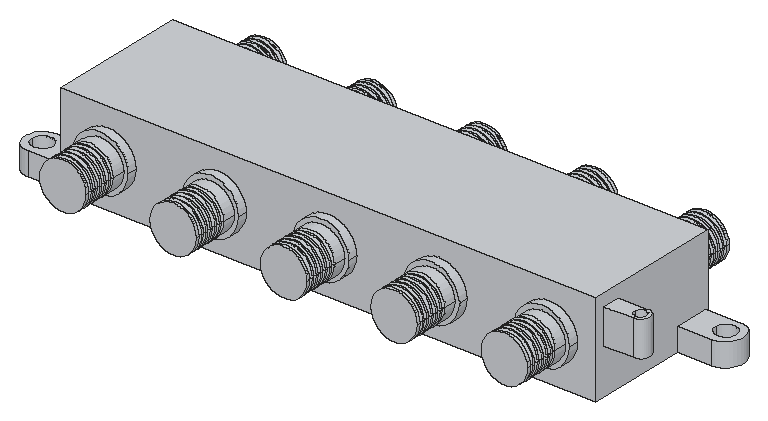
Revit family "Derivador 815-820-825", category Aparatos eléctricos, Revit 2019
Family settings
  Mantener orientación de anotación = No
  Cota de conector redondo = Diámetro de uso
  Tipo de pieza = Normal
  Número OmniClass = 23.80.00.00
  Título OmniClass = Electric Power and Lighting
  Se basa en plano de trabajo = No
  Siempre vertical = Sí
  Corte con vacíos al cargar = No
  Compartido = No
  Punto de cálculo de habitación = No
Parameters
  Visivilidad de numeros = yes
  Visibilidad 825 = yes
  Visibilidad 820 = yes
  Visibilidad 815 = yes
  Largo = 115.00 mm
  Dimensiones = 2
  Conectores = Largo / 25.23 mm  # 5
  Conector 2 = 3.654 mm
  Conector = 0.00 mm
  Ancho [instance] = 30.00 mm
  Altura = 30.00 mm
Reference planes
  plane 1 "Centro (Frontal/Posterior)": y = 0
  plane 2: z = 0
  plane 3 "Centro (Izquierda/Derecha)": x = 0
  plane 4 "Centro I/E": x = -57.5
  plane 5 "Centro I/F": x = 57.5
  plane 6 "Centro I/G": y = 15
  plane 7 "Centro I/H": y = -15
  plane 8 "Centro I/K": y = -15
  plane 9 "Centro I/R": x = 56
  plane 10 "Centro I/S": x = -56
  plane 11 "Centro I/W": y = -13.5
  plane 12 "Centro I/X": x = -23.75
Forms (mm)
  Extrusion 1, solid
    sketch origin (0, 0, 0) x (1, 0, 0) y (0, 1, 0)
      loop
        line (57.5, 15) -> (-57.5, 15) -> (-57.5, -15) -> (57.5, -15) -> (57.5, 15)
    from 0 to 20
  Extrusion 2, solid, detail levels fine
    sketch origin (0, -6.971, 0) x (1, 0, 0) y (0, 0, 1)
      loop
        circle (-25.232, 10) r 5
    from 17 to 27
  Extrusion 3, solid
    sketch origin (0, -6.971, 0) x (1, 0, 0) y (0, 0, 1)
      loop
        circle (-25.232, 10) r 6
    from 15 to 17
  Extrusion 4, solid, detail levels fine
    sketch origin (-22.268, 0, 0) x (1, 0, 0) y (0, 0, 1)
      loop
        circle (-25.232, 10) r 5
    from 17 to 27
  Extrusion 5, solid
    sketch origin (-22.268, 0, 0) x (1, 0, 0) y (0, 0, 1)
      loop
        circle (-25.232, 10) r 6
    from 15 to 17
  Extrusion 6, solid, detail levels fine
    sketch origin (72.732, 0, 0) x (1, 0, 0) y (0, 0, 1)
      loop
        circle (-25.232, 10) r 5
    from 17 to 27
  Extrusion 7, solid
    sketch origin (72.732, 0, 0) x (1, 0, 0) y (0, 0, 1)
      loop
        circle (-25.232, 10) r 6
    from 15 to 17
  Extrusion 8, solid, detail levels fine
    sketch origin (1.482, 0, 0) x (1, 0, 0) y (0, 0, 1)
      loop
        circle (-25.232, 10) r 5
    from 17 to 27
  Extrusion 9, solid
    sketch origin (1.482, 0, 0) x (1, 0, 0) y (0, 0, 1)
      loop
        circle (-25.232, 10) r 6
    from 15 to 17
  Extrusion 10, solid
    sketch origin (-14.144, 3.759, 0) x (1, 0, 0) y (0, 0, -1)
      loop
        circle (0, -10) r 5
    from 17 to 27
  Extrusion 11, solid
    sketch origin (-14.144, 3.759, 0) x (1, 0, 0) y (0, 0, -1)
      loop
        circle (0, -10) r 6
    from 15 to 17
  Extrusion 12, solid, detail levels fine
    sketch origin (-117.5, 86.956, 0) x (-1, 0, 0) y (0, -1, 0)
      loop
        line (-175, 100) -> (-181.519, 100)
        arc (-181.519, 100) -> (-183.474, 98.044) -> (-181.519, 96.089) r 1.956
        line (-181.519, 96.089) -> (-175, 96.089) -> (-175, 100)
      loop
        circle (-181.519, 98.044) r 1.304
    from 10 to 17.5
  Extrusion 13, solid, detail levels fine
    sketch origin (-117.5, -43.128, -5) x (-1, 0, 0) y (0, -1, 0)
      loop
        line (-175, -57.5) -> (-175, -50) -> (-182.5, -50)
        arc (-182.5, -50) -> (-186.25, -53.75) -> (-182.5, -57.5) r 3.75
        line (-182.5, -57.5) -> (-175, -57.5)
      loop
        circle (-182.5, -53.75) r 2.25
    from 5 to 10
  Extrusion 14, solid, detail levels fine
    sketch origin (-115, -46.566, 0) x (-1, 0, 0) y (0, -1, 0)
      loop
        line (-175, -57.5) -> (-175, -50) -> (-182.5, -50)
        arc (-182.5, -50) -> (-186.25, -53.75) -> (-182.5, -57.5) r 3.75
        line (-182.5, -57.5) -> (-175, -57.5)
      loop
        circle (-182.5, -53.75) r 2.25
    from 5 to 10
  Extrusion 15, solid, detail levels fine
    sketch origin (-110, 90, 0) x (-1, 0, 0) y (0, -1, 0)
      loop
        line (-175, 100) -> (-181.519, 100)
        arc (-181.519, 100) -> (-183.474, 98.044) -> (-181.519, 96.089) r 1.956
        line (-181.519, 96.089) -> (-175, 96.089) -> (-175, 100)
      loop
        circle (-181.519, 98.044) r 1.304
    from 10 to 17.5
  Extrusion 16, solid, detail levels fine
    sketch origin (117.5, 43.128, -5) x (1, 0, 0) y (0, 1, 0)
      loop
        line (-175, -57.5) -> (-175, -50) -> (-182.5, -50)
        arc (-182.5, -50) -> (-186.25, -53.75) -> (-182.5, -57.5) r 3.75
        line (-182.5, -57.5) -> (-175, -57.5)
      loop
        circle (-182.5, -53.75) r 2.25
    from 5 to 10
  Revolve 17, void
    sketch origin (-22.25, 0, 10) x (1, 0, 0) y (0, 1, 0)
      loop
        line (-29.46, -26.03) -> (-30.25, -25.574) -> (-30.25, -26.486) -> (-29.46, -26.03)
      axis (-25.25, -26.486) -> (-25.25, -25.486)
    angle from 0 to 360
  Revolve 18, void
    sketch origin (0.018, -6.971, 10) x (1, 0, 0) y (0, 1, 0)
      loop
        line (-29.46, -26.03) -> (-30.25, -25.574) -> (-30.25, -26.486) -> (-29.46, -26.03)
      axis (-25.25, -26.486) -> (-25.25, -25.486)
    angle from 0 to 360
  Revolve 19, void
    sketch origin (72.75, 0, 10) x (1, 0, 0) y (0, 1, 0)
      loop
        line (-29.46, -26.03) -> (-30.25, -25.574) -> (-30.25, -26.486) -> (-29.46, -26.03)
      axis (-25.25, -26.486) -> (-25.25, -25.486)
    angle from 0 to 360
  Revolve 20, void
    sketch origin (1.5, 0, 10) x (1, 0, 0) y (0, 1, 0)
      loop
        line (-29.46, -26.03) -> (-30.25, -25.574) -> (-30.25, -26.486) -> (-29.46, -26.03)
      axis (-25.25, -26.486) -> (-25.25, -25.486)
    angle from 0 to 360
  Revolve 21, void
    sketch origin (-22.25, 0, 10) x (1, 0, 0) y (0, 1, 0)
      loop
        line (-29.46, -24.918) -> (-30.25, -24.461) -> (-30.25, -25.374) -> (-29.46, -24.918)
      axis (-25.25, -25.374) -> (-25.25, -24.374)
    angle from 0 to 360
  Revolve 22, void
    sketch origin (0.018, -6.971, 10) x (1, 0, 0) y (0, 1, 0)
      loop
        line (-29.46, -24.918) -> (-30.25, -24.461) -> (-30.25, -25.374) -> (-29.46, -24.918)
      axis (-25.25, -25.374) -> (-25.25, -24.374)
    angle from 0 to 360
  Revolve 23, void
    sketch origin (72.75, 0, 10) x (1, 0, 0) y (0, 1, 0)
      loop
        line (-29.46, -24.918) -> (-30.25, -24.461) -> (-30.25, -25.374) -> (-29.46, -24.918)
      axis (-25.25, -25.374) -> (-25.25, -24.374)
    angle from 0 to 360
  Revolve 24, void
    sketch origin (1.5, 0, 10) x (1, 0, 0) y (0, 1, 0)
      loop
        line (-29.46, -24.918) -> (-30.25, -24.461) -> (-30.25, -25.374) -> (-29.46, -24.918)
      axis (-25.25, -25.374) -> (-25.25, -24.374)
    angle from 0 to 360
  Revolve 25, void
    sketch origin (-22.25, 0, 10) x (1, 0, 0) y (0, 1, 0)
      loop
        line (-29.46, -23.718) -> (-30.25, -23.261) -> (-30.25, -24.174) -> (-29.46, -23.718)
      axis (-25.25, -24.174) -> (-25.25, -23.174)
    angle from 0 to 360
  Revolve 26, void
    sketch origin (-22.25, 0, 10) x (1, 0, 0) y (0, 1, 0)
      loop
        line (-29.46, -22.518) -> (-30.25, -22.061) -> (-30.25, -22.974) -> (-29.46, -22.518)
      axis (-25.25, -22.974) -> (-25.25, -21.974)
    angle from 0 to 360
  Revolve 27, void
    sketch origin (-22.25, 0, 10) x (1, 0, 0) y (0, 1, 0)
      loop
        line (-29.46, -21.318) -> (-30.25, -20.861) -> (-30.25, -21.774) -> (-29.46, -21.318)
      axis (-25.25, -21.774) -> (-25.25, -20.774)
    angle from 0 to 360
  Revolve 28, void
    sketch origin (-22.25, 0, 10) x (1, 0, 0) y (0, 1, 0)
      loop
        line (-29.46, -20.118) -> (-30.25, -19.661) -> (-30.25, -20.574) -> (-29.46, -20.118)
      axis (-25.25, -20.574) -> (-25.25, -19.574)
    angle from 0 to 360
  Revolve 29, void
    sketch origin (0.018, -6.971, 10) x (1, 0, 0) y (0, 1, 0)
      loop
        line (-29.46, -23.718) -> (-30.25, -23.261) -> (-30.25, -24.174) -> (-29.46, -23.718)
      axis (-25.25, -24.174) -> (-25.25, -23.174)
    angle from 0 to 360
  Revolve 30, void
    sketch origin (0.018, -6.971, 10) x (1, 0, 0) y (0, 1, 0)
      loop
        line (-29.46, -22.518) -> (-30.25, -22.061) -> (-30.25, -22.974) -> (-29.46, -22.518)
      axis (-25.25, -22.974) -> (-25.25, -21.974)
    angle from 0 to 360
  Revolve 31, void
    sketch origin (0.018, -6.971, 10) x (1, 0, 0) y (0, 1, 0)
      loop
        line (-29.46, -21.318) -> (-30.25, -20.861) -> (-30.25, -21.774) -> (-29.46, -21.318)
      axis (-25.25, -21.774) -> (-25.25, -20.774)
    angle from 0 to 360
  Revolve 32, void
    sketch origin (0.018, -6.971, 10) x (1, 0, 0) y (0, 1, 0)
      loop
        line (-29.46, -20.118) -> (-30.25, -19.661) -> (-30.25, -20.574) -> (-29.46, -20.118)
      axis (-25.25, -20.574) -> (-25.25, -19.574)
    angle from 0 to 360
  Revolve 33, void
    sketch origin (72.75, 0, 10) x (1, 0, 0) y (0, 1, 0)
      loop
        line (-29.46, -23.718) -> (-30.25, -23.261) -> (-30.25, -24.174) -> (-29.46, -23.718)
      axis (-25.25, -24.174) -> (-25.25, -23.174)
    angle from 0 to 360
  Revolve 34, void
    sketch origin (72.75, 0, 10) x (1, 0, 0) y (0, 1, 0)
      loop
        line (-29.46, -22.518) -> (-30.25, -22.061) -> (-30.25, -22.974) -> (-29.46, -22.518)
      axis (-25.25, -22.974) -> (-25.25, -21.974)
    angle from 0 to 360
  Revolve 35, void
    sketch origin (72.75, 0, 10) x (1, 0, 0) y (0, 1, 0)
      loop
        line (-29.46, -21.318) -> (-30.25, -20.861) -> (-30.25, -21.774) -> (-29.46, -21.318)
      axis (-25.25, -21.774) -> (-25.25, -20.774)
    angle from 0 to 360
  Revolve 36, void
    sketch origin (72.75, 0, 10) x (1, 0, 0) y (0, 1, 0)
      loop
        line (-29.46, -20.118) -> (-30.25, -19.661) -> (-30.25, -20.574) -> (-29.46, -20.118)
      axis (-25.25, -20.574) -> (-25.25, -19.574)
    angle from 0 to 360
  Revolve 37, void
    sketch origin (1.5, 0, 10) x (1, 0, 0) y (0, 1, 0)
      loop
        line (-29.46, -23.718) -> (-30.25, -23.261) -> (-30.25, -24.174) -> (-29.46, -23.718)
      axis (-25.25, -24.174) -> (-25.25, -23.174)
    angle from 0 to 360
  Revolve 38, void
    sketch origin (1.5, 0, 10) x (1, 0, 0) y (0, 1, 0)
      loop
        line (-29.46, -22.518) -> (-30.25, -22.061) -> (-30.25, -22.974) -> (-29.46, -22.518)
      axis (-25.25, -22.974) -> (-25.25, -21.974)
    angle from 0 to 360
  Revolve 39, void
    sketch origin (1.5, 0, 10) x (1, 0, 0) y (0, 1, 0)
      loop
        line (-29.46, -21.318) -> (-30.25, -20.861) -> (-30.25, -21.774) -> (-29.46, -21.318)
      axis (-25.25, -21.774) -> (-25.25, -20.774)
    angle from 0 to 360
  Revolve 40, void
    sketch origin (1.5, 0, 10) x (1, 0, 0) y (0, 1, 0)
      loop
        line (-29.46, -20.118) -> (-30.25, -19.661) -> (-30.25, -20.574) -> (-29.46, -20.118)
      axis (-25.25, -20.574) -> (-25.25, -19.574)
    angle from 0 to 360
  Extrusion 41, solid, detail levels fine
    sketch origin (-72.732, 0, 0) x (-1, 0, 0) y (0, 0, 1)
      loop
        circle (-25.232, 10) r 5
    from 17 to 27
  Extrusion 42, solid
    sketch origin (-72.732, 0, 0) x (-1, 0, 0) y (0, 0, 1)
      loop
        circle (-25.232, 10) r 6
    from 15 to 17
  Revolve 43, void
    sketch origin (-72.75, 0, 10) x (-1, 0, 0) y (0, -1, 0)
      loop
        line (-29.46, -26.03) -> (-30.25, -25.574) -> (-30.25, -26.486) -> (-29.46, -26.03)
      axis (-25.25, -26.486) -> (-25.25, -25.486)
    angle from 0 to 360
  Revolve 44, void
    sketch origin (-72.75, 0, 10) x (-1, 0, 0) y (0, -1, 0)
      loop
        line (-29.46, -24.918) -> (-30.25, -24.461) -> (-30.25, -25.374) -> (-29.46, -24.918)
      axis (-25.25, -25.374) -> (-25.25, -24.374)
    angle from 0 to 360
  Revolve 45, void
    sketch origin (-72.75, 0, 10) x (-1, 0, 0) y (0, -1, 0)
      loop
        line (-29.46, -23.718) -> (-30.25, -23.261) -> (-30.25, -24.174) -> (-29.46, -23.718)
      axis (-25.25, -24.174) -> (-25.25, -23.174)
    angle from 0 to 360
  Revolve 46, void
    sketch origin (-72.75, 0, 10) x (-1, 0, 0) y (0, -1, 0)
      loop
        line (-29.46, -22.518) -> (-30.25, -22.061) -> (-30.25, -22.974) -> (-29.46, -22.518)
      axis (-25.25, -22.974) -> (-25.25, -21.974)
    angle from 0 to 360
  Revolve 47, void
    sketch origin (-72.75, 0, 10) x (-1, 0, 0) y (0, -1, 0)
      loop
        line (-29.46, -21.318) -> (-30.25, -20.861) -> (-30.25, -21.774) -> (-29.46, -21.318)
      axis (-25.25, -21.774) -> (-25.25, -20.774)
    angle from 0 to 360
  Revolve 48, void
    sketch origin (-72.75, 0, 10) x (-1, 0, 0) y (0, -1, 0)
      loop
        line (-29.46, -20.118) -> (-30.25, -19.661) -> (-30.25, -20.574) -> (-29.46, -20.118)
      axis (-25.25, -20.574) -> (-25.25, -19.574)
    angle from 0 to 360
  Extrusion 49, solid, detail levels fine
    sketch origin (35.192, 46.726, 0) x (1, 0, 0) y (0, 0, 1)
      loop
        circle (-25.232, 10) r 5
    from 17 to 27
  Extrusion 50, solid
    sketch origin (35.192, 46.726, 0) x (1, 0, 0) y (0, 0, 1)
      loop
        circle (-25.232, 10) r 6
    from 15 to 17
  Revolve 51, void
    sketch origin (35.21, 46.726, 10) x (1, 0, 0) y (0, 1, 0)
      loop
        line (-29.46, -26.03) -> (-30.25, -25.574) -> (-30.25, -26.486) -> (-29.46, -26.03)
      axis (-25.25, -26.486) -> (-25.25, -25.486)
    angle from 0 to 360
  Revolve 52, void
    sketch origin (35.21, 46.726, 10) x (1, 0, 0) y (0, 1, 0)
      loop
        line (-29.46, -24.918) -> (-30.25, -24.461) -> (-30.25, -25.374) -> (-29.46, -24.918)
      axis (-25.25, -25.374) -> (-25.25, -24.374)
    angle from 0 to 360
  Revolve 53, void
    sketch origin (35.21, 46.726, 10) x (1, 0, 0) y (0, 1, 0)
      loop
        line (-29.46, -23.718) -> (-30.25, -23.261) -> (-30.25, -24.174) -> (-29.46, -23.718)
      axis (-25.25, -24.174) -> (-25.25, -23.174)
    angle from 0 to 360
  Revolve 54, void
    sketch origin (35.21, 46.726, 10) x (1, 0, 0) y (0, 1, 0)
      loop
        line (-29.46, -22.518) -> (-30.25, -22.061) -> (-30.25, -22.974) -> (-29.46, -22.518)
      axis (-25.25, -22.974) -> (-25.25, -21.974)
    angle from 0 to 360
  Revolve 55, void
    sketch origin (35.21, 46.726, 10) x (1, 0, 0) y (0, 1, 0)
      loop
        line (-29.46, -21.318) -> (-30.25, -20.861) -> (-30.25, -21.774) -> (-29.46, -21.318)
      axis (-25.25, -21.774) -> (-25.25, -20.774)
    angle from 0 to 360
  Revolve 56, void
    sketch origin (35.21, 46.726, 10) x (1, 0, 0) y (0, 1, 0)
      loop
        line (-29.46, -20.118) -> (-30.25, -19.661) -> (-30.25, -20.574) -> (-29.46, -20.118)
      axis (-25.25, -20.574) -> (-25.25, -19.574)
    angle from 0 to 360
  Extrusion 57, solid, detail levels fine
    sketch origin (22.268, 0, 0) x (-1, 0, 0) y (0, 0, 1)
      loop
        circle (-25.232, 10) r 5
    from 17 to 27
  Extrusion 58, solid
    sketch origin (22.268, 0, 0) x (-1, 0, 0) y (0, 0, 1)
      loop
        circle (-25.232, 10) r 6
    from 15 to 17
  Revolve 59, void
    sketch origin (22.25, 0, 10) x (-1, 0, 0) y (0, -1, 0)
      loop
        line (-29.46, -26.03) -> (-30.25, -25.574) -> (-30.25, -26.486) -> (-29.46, -26.03)
      axis (-25.25, -26.486) -> (-25.25, -25.486)
    angle from 0 to 360
  Revolve 60, void
    sketch origin (22.25, 0, 10) x (-1, 0, 0) y (0, -1, 0)
      loop
        line (-29.46, -24.918) -> (-30.25, -24.461) -> (-30.25, -25.374) -> (-29.46, -24.918)
      axis (-25.25, -25.374) -> (-25.25, -24.374)
    angle from 0 to 360
  Revolve 61, void
    sketch origin (22.25, 0, 10) x (-1, 0, 0) y (0, -1, 0)
      loop
        line (-29.46, -23.718) -> (-30.25, -23.261) -> (-30.25, -24.174) -> (-29.46, -23.718)
      axis (-25.25, -24.174) -> (-25.25, -23.174)
    angle from 0 to 360
  Revolve 62, void
    sketch origin (22.25, 0, 10) x (-1, 0, 0) y (0, -1, 0)
      loop
        line (-29.46, -22.518) -> (-30.25, -22.061) -> (-30.25, -22.974) -> (-29.46, -22.518)
      axis (-25.25, -22.974) -> (-25.25, -21.974)
    angle from 0 to 360
  Revolve 63, void
    sketch origin (22.25, 0, 10) x (-1, 0, 0) y (0, -1, 0)
      loop
        line (-29.46, -21.318) -> (-30.25, -20.861) -> (-30.25, -21.774) -> (-29.46, -21.318)
      axis (-25.25, -21.774) -> (-25.25, -20.774)
    angle from 0 to 360
  Revolve 64, void
    sketch origin (22.25, 0, 10) x (-1, 0, 0) y (0, -1, 0)
      loop
        line (-29.46, -20.118) -> (-30.25, -19.661) -> (-30.25, -20.574) -> (-29.46, -20.118)
      axis (-25.25, -20.574) -> (-25.25, -19.574)
    angle from 0 to 360
  Extrusion 65, solid, detail levels fine
    sketch origin (-48.982, 0, 0) x (-1, 0, 0) y (0, 0, 1)
      loop
        circle (-25.232, 10) r 5
    from 17 to 27
  Extrusion 66, solid
    sketch origin (-48.982, 0, 0) x (-1, 0, 0) y (0, 0, 1)
      loop
        circle (-25.232, 10) r 6
    from 15 to 17
  Revolve 67, void
    sketch origin (-49, 0, 10) x (-1, 0, 0) y (0, -1, 0)
      loop
        line (-29.46, -26.03) -> (-30.25, -25.574) -> (-30.25, -26.486) -> (-29.46, -26.03)
      axis (-25.25, -26.486) -> (-25.25, -25.486)
    angle from 0 to 360
  Revolve 68, void
    sketch origin (-49, 0, 10) x (-1, 0, 0) y (0, -1, 0)
      loop
        line (-29.46, -24.918) -> (-30.25, -24.461) -> (-30.25, -25.374) -> (-29.46, -24.918)
      axis (-25.25, -25.374) -> (-25.25, -24.374)
    angle from 0 to 360
  Revolve 69, void
    sketch origin (-49, 0, 10) x (-1, 0, 0) y (0, -1, 0)
      loop
        line (-29.46, -23.718) -> (-30.25, -23.261) -> (-30.25, -24.174) -> (-29.46, -23.718)
      axis (-25.25, -24.174) -> (-25.25, -23.174)
    angle from 0 to 360
  Revolve 70, void
    sketch origin (-49, 0, 10) x (-1, 0, 0) y (0, -1, 0)
      loop
        line (-29.46, -22.518) -> (-30.25, -22.061) -> (-30.25, -22.974) -> (-29.46, -22.518)
      axis (-25.25, -22.974) -> (-25.25, -21.974)
    angle from 0 to 360
  Revolve 71, void
    sketch origin (-49, 0, 10) x (-1, 0, 0) y (0, -1, 0)
      loop
        line (-29.46, -21.318) -> (-30.25, -20.861) -> (-30.25, -21.774) -> (-29.46, -21.318)
      axis (-25.25, -21.774) -> (-25.25, -20.774)
    angle from 0 to 360
  Revolve 72, void
    sketch origin (-49, 0, 10) x (-1, 0, 0) y (0, -1, 0)
      loop
        line (-29.46, -20.118) -> (-30.25, -19.661) -> (-30.25, -20.574) -> (-29.46, -20.118)
      axis (-25.25, -20.574) -> (-25.25, -19.574)
    angle from 0 to 360
  Extrusion 73, solid, detail levels fine
    sketch origin (25.232, 0, 0) x (1, 0, 0) y (0, 0, 1)
      loop
        circle (-25.232, 10) r 5
    from 17 to 27
  Extrusion 74, solid
    sketch origin (25.232, 0, 0) x (1, 0, 0) y (0, 0, 1)
      loop
        circle (-25.232, 10) r 6
    from 15 to 17
  Revolve 75, void
    sketch origin (25.25, 0, 10) x (1, 0, 0) y (0, 1, 0)
      loop
        line (-29.46, -26.03) -> (-30.25, -25.574) -> (-30.25, -26.486) -> (-29.46, -26.03)
      axis (-25.25, -26.486) -> (-25.25, -25.486)
    angle from 0 to 360
  Revolve 76, void
    sketch origin (25.25, 0, 10) x (1, 0, 0) y (0, 1, 0)
      loop
        line (-29.46, -24.918) -> (-30.25, -24.461) -> (-30.25, -25.374) -> (-29.46, -24.918)
      axis (-25.25, -25.374) -> (-25.25, -24.374)
    angle from 0 to 360
  Revolve 77, void
    sketch origin (25.25, 0, 10) x (1, 0, 0) y (0, 1, 0)
      loop
        line (-29.46, -23.718) -> (-30.25, -23.261) -> (-30.25, -24.174) -> (-29.46, -23.718)
      axis (-25.25, -24.174) -> (-25.25, -23.174)
    angle from 0 to 360
  Revolve 78, void
    sketch origin (25.25, 0, 10) x (1, 0, 0) y (0, 1, 0)
      loop
        line (-29.46, -22.518) -> (-30.25, -22.061) -> (-30.25, -22.974) -> (-29.46, -22.518)
      axis (-25.25, -22.974) -> (-25.25, -21.974)
    angle from 0 to 360
  Revolve 79, void
    sketch origin (25.25, 0, 10) x (1, 0, 0) y (0, 1, 0)
      loop
        line (-29.46, -21.318) -> (-30.25, -20.861) -> (-30.25, -21.774) -> (-29.46, -21.318)
      axis (-25.25, -21.774) -> (-25.25, -20.774)
    angle from 0 to 360
  Revolve 80, void
    sketch origin (25.25, 0, 10) x (1, 0, 0) y (0, 1, 0)
      loop
        line (-29.46, -20.118) -> (-30.25, -19.661) -> (-30.25, -20.574) -> (-29.46, -20.118)
      axis (-25.25, -20.574) -> (-25.25, -19.574)
    angle from 0 to 360
  Extrusion 81, solid, detail levels fine
    sketch origin (48.982, 0, 0) x (1, 0, 0) y (0, 0, 1)
      loop
        circle (-25.232, 10) r 5
    from 17 to 27
  Extrusion 82, solid
    sketch origin (48.982, 0, 0) x (1, 0, 0) y (0, 0, 1)
      loop
        circle (-25.232, 10) r 6
    from 15 to 17
  Revolve 83, void
    sketch origin (49, 0, 10) x (1, 0, 0) y (0, 1, 0)
      loop
        line (-29.46, -26.03) -> (-30.25, -25.574) -> (-30.25, -26.486) -> (-29.46, -26.03)
      axis (-25.25, -26.486) -> (-25.25, -25.486)
    angle from 0 to 360
  Revolve 84, void
    sketch origin (49, 0, 10) x (1, 0, 0) y (0, 1, 0)
      loop
        line (-29.46, -24.918) -> (-30.25, -24.461) -> (-30.25, -25.374) -> (-29.46, -24.918)
      axis (-25.25, -25.374) -> (-25.25, -24.374)
    angle from 0 to 360
  Revolve 85, void
    sketch origin (49, 0, 10) x (1, 0, 0) y (0, 1, 0)
      loop
        line (-29.46, -23.718) -> (-30.25, -23.261) -> (-30.25, -24.174) -> (-29.46, -23.718)
      axis (-25.25, -24.174) -> (-25.25, -23.174)
    angle from 0 to 360
  Revolve 86, void
    sketch origin (49, 0, 10) x (1, 0, 0) y (0, 1, 0)
      loop
        line (-29.46, -22.518) -> (-30.25, -22.061) -> (-30.25, -22.974) -> (-29.46, -22.518)
      axis (-25.25, -22.974) -> (-25.25, -21.974)
    angle from 0 to 360
  Revolve 87, void
    sketch origin (49, 0, 10) x (1, 0, 0) y (0, 1, 0)
      loop
        line (-29.46, -21.318) -> (-30.25, -20.861) -> (-30.25, -21.774) -> (-29.46, -21.318)
      axis (-25.25, -21.774) -> (-25.25, -20.774)
    angle from 0 to 360
  Revolve 88, void
    sketch origin (49, 0, 10) x (1, 0, 0) y (0, 1, 0)
      loop
        line (-29.46, -20.118) -> (-30.25, -19.661) -> (-30.25, -20.574) -> (-29.46, -20.118)
      axis (-25.25, -20.574) -> (-25.25, -19.574)
    angle from 0 to 360
  Extrusion 89, solid, detail levels fine
    sketch origin (-25.232, 0, 0) x (-1, 0, 0) y (0, 0, 1)
      loop
        circle (-25.232, 10) r 5
    from 17 to 27
  Extrusion 90, solid
    sketch origin (-25.232, 0, 0) x (-1, 0, 0) y (0, 0, 1)
      loop
        circle (-25.232, 10) r 6
    from 15 to 17
  Revolve 91, void
    sketch origin (-25.25, 0, 10) x (-1, 0, 0) y (0, -1, 0)
      loop
        line (-29.46, -26.03) -> (-30.25, -25.574) -> (-30.25, -26.486) -> (-29.46, -26.03)
      axis (-25.25, -26.486) -> (-25.25, -25.486)
    angle from 0 to 360
  Revolve 92, void
    sketch origin (-25.25, 0, 10) x (-1, 0, 0) y (0, -1, 0)
      loop
        line (-29.46, -24.918) -> (-30.25, -24.461) -> (-30.25, -25.374) -> (-29.46, -24.918)
      axis (-25.25, -25.374) -> (-25.25, -24.374)
    angle from 0 to 360
  Revolve 93, void
    sketch origin (-25.25, 0, 10) x (-1, 0, 0) y (0, -1, 0)
      loop
        line (-29.46, -23.718) -> (-30.25, -23.261) -> (-30.25, -24.174) -> (-29.46, -23.718)
      axis (-25.25, -24.174) -> (-25.25, -23.174)
    angle from 0 to 360
  Revolve 94, void
    sketch origin (-25.25, 0, 10) x (-1, 0, 0) y (0, -1, 0)
      loop
        line (-29.46, -22.518) -> (-30.25, -22.061) -> (-30.25, -22.974) -> (-29.46, -22.518)
      axis (-25.25, -22.974) -> (-25.25, -21.974)
    angle from 0 to 360
  Revolve 95, void
    sketch origin (-25.25, 0, 10) x (-1, 0, 0) y (0, -1, 0)
      loop
        line (-29.46, -21.318) -> (-30.25, -20.861) -> (-30.25, -21.774) -> (-29.46, -21.318)
      axis (-25.25, -21.774) -> (-25.25, -20.774)
    angle from 0 to 360
  Revolve 96, void
    sketch origin (-25.25, 0, 10) x (-1, 0, 0) y (0, -1, 0)
      loop
        line (-29.46, -20.118) -> (-30.25, -19.661) -> (-30.25, -20.574) -> (-29.46, -20.118)
      axis (-25.25, -20.574) -> (-25.25, -19.574)
    angle from 0 to 360
  Extrusion 97, solid, detail levels fine
    sketch origin (-1.482, 0, 0) x (-1, 0, 0) y (0, 0, 1)
      loop
        circle (-25.232, 10) r 5
    from 17 to 27
  Extrusion 98, solid
    sketch origin (-1.482, 0, 0) x (-1, 0, 0) y (0, 0, 1)
      loop
        circle (-25.232, 10) r 6
    from 15 to 17
  Revolve 99, void
    sketch origin (-1.5, 0, 10) x (-1, 0, 0) y (0, -1, 0)
      loop
        line (-29.46, -26.03) -> (-30.25, -25.574) -> (-30.25, -26.486) -> (-29.46, -26.03)
      axis (-25.25, -26.486) -> (-25.25, -25.486)
    angle from 0 to 360
  Revolve 100, void
    sketch origin (-1.5, 0, 10) x (-1, 0, 0) y (0, -1, 0)
      loop
        line (-29.46, -24.918) -> (-30.25, -24.461) -> (-30.25, -25.374) -> (-29.46, -24.918)
      axis (-25.25, -25.374) -> (-25.25, -24.374)
    angle from 0 to 360
  Revolve 101, void
    sketch origin (-1.5, 0, 10) x (-1, 0, 0) y (0, -1, 0)
      loop
        line (-29.46, -23.718) -> (-30.25, -23.261) -> (-30.25, -24.174) -> (-29.46, -23.718)
      axis (-25.25, -24.174) -> (-25.25, -23.174)
    angle from 0 to 360
  Revolve 102, void
    sketch origin (-1.5, 0, 10) x (-1, 0, 0) y (0, -1, 0)
      loop
        line (-29.46, -22.518) -> (-30.25, -22.061) -> (-30.25, -22.974) -> (-29.46, -22.518)
      axis (-25.25, -22.974) -> (-25.25, -21.974)
    angle from 0 to 360
  Revolve 103, void
    sketch origin (-1.5, 0, 10) x (-1, 0, 0) y (0, -1, 0)
      loop
        line (-29.46, -21.318) -> (-30.25, -20.861) -> (-30.25, -21.774) -> (-29.46, -21.318)
      axis (-25.25, -21.774) -> (-25.25, -20.774)
    angle from 0 to 360
  Revolve 104, void
    sketch origin (-1.5, 0, 10) x (-1, 0, 0) y (0, -1, 0)
      loop
        line (-29.46, -20.118) -> (-30.25, -19.661) -> (-30.25, -20.574) -> (-29.46, -20.118)
      axis (-25.25, -20.574) -> (-25.25, -19.574)
    angle from 0 to 360
Cuts and joins
  Revolve 19, Revolve 23, Revolve 33, Revolve 34, Revolve 35, Revolve 36 cuts Extrusion 6
  Revolve 20, Revolve 24, Revolve 37, Revolve 38, Revolve 39, Revolve 40 cuts Extrusion 8
  Revolve 17, Revolve 21, Revolve 25, Revolve 26, Revolve 27, Revolve 28, Revolve 43, Revolve 44, Revolve 45, Revolve 46, Revolve 47, Revolve 48 cuts Extrusion 4
  Revolve 43, Revolve 44, Revolve 45, Revolve 46, Revolve 47, Revolve 48, Revolve 59, Revolve 60, Revolve 61, Revolve 62, Revolve 63, Revolve 64 cuts Extrusion 41
  Revolve 59, Revolve 60, Revolve 61, Revolve 62, Revolve 63, Revolve 64 cuts Extrusion 57
  Revolve 67, Revolve 68, Revolve 69, Revolve 70, Revolve 71, Revolve 72 cuts Extrusion 65
  Revolve 75, Revolve 76, Revolve 77, Revolve 78, Revolve 79, Revolve 80 cuts Extrusion 73
  Revolve 83, Revolve 84, Revolve 85, Revolve 86, Revolve 87, Revolve 88 cuts Extrusion 81
  Revolve 91, Revolve 92, Revolve 93, Revolve 94, Revolve 95, Revolve 96 cuts Extrusion 89
  Revolve 99, Revolve 100, Revolve 101, Revolve 102, Revolve 103, Revolve 104 cuts Extrusion 97
Lines and regions (mm)
  model lines, detail levels medium
    curve 1: line (57.5, 6.872, 0) -> (65, 6.872, 0)
    curve 2: arc (65, 6.872, 0) -> (68.75, 10.622, 0) -> (65, 14.372, 0) r 3.75
    curve 3: line (65, 14.372, 0) -> (57.5, 14.372, 0)
    curve 4: line (60, 3.434, 5) -> (67.5, 3.434, 5)
    curve 5: arc (67.5, 3.434, 5) -> (71.25, 7.184, 5) -> (67.5, 10.934, 5) r 3.75
    curve 6: line (67.5, 10.934, 5) -> (60, 10.934, 5)
    curve 7: line (-57.5, -6.872, 0) -> (-65, -6.872, 0)
    curve 8: arc (-65, -6.872, 0) -> (-68.75, -10.622, 0) -> (-65, -14.372, 0) r 3.75
    curve 9: line (-65, -14.372, 0) -> (-57.5, -14.372, 0)
    curve 10: line (-52.5, -17, 10) -> (-52.5, -27, 10)
    curve 11: line (-52.5, -27, 10) -> (-42.5, -27, 10)
    curve 12: line (-42.5, -27, 10) -> (-42.5, -17, 10)
    curve 13: line (-30.232, -23.971, 10) -> (-30.232, -33.971, 10)
    curve 14: line (-30.232, -33.971, 10) -> (-20.232, -33.971, 10)
    curve 15: line (-20.232, -33.971, 10) -> (-20.232, -23.971, 10)
    curve 16: line (42.5, -17, 10) -> (42.5, -27, 10)
    curve 17: line (42.5, -27, 10) -> (52.5, -27, 10)
    curve 18: line (52.5, -27, 10) -> (52.5, -17, 10)
    curve 19: line (-28.75, -17, 10) -> (-28.75, -27, 10)
    curve 20: line (-28.75, -27, 10) -> (-18.75, -27, 10)
    curve 21: line (-18.75, -27, 10) -> (-18.75, -17, 10)
    curve 22: line (-5, -17, 10) -> (-5, -27, 10)
    curve 23: line (-5, -27, 10) -> (5, -27, 10)
    curve 24: line (5, -27, 10) -> (5, -17, 10)
    curve 25: line (18.75, -17, 10) -> (18.75, -27, 10)
    curve 26: line (18.75, -27, 10) -> (28.75, -27, 10)
    curve 27: line (28.75, -27, 10) -> (28.75, -17, 10)
    curve 28: line (-52.5, 17, 10) -> (-52.5, 27, 10)
    curve 29: line (-52.5, 27, 10) -> (-42.5, 27, 10)
    curve 30: line (-42.5, 27, 10) -> (-42.5, 17, 10)
    curve 31: line (14.96, 29.726, 10) -> (14.96, 19.726, 10)
    curve 32: line (14.96, 19.726, 10) -> (4.96, 19.726, 10)
    curve 33: line (4.96, 19.726, 10) -> (4.96, 29.726, 10)
    curve 34: line (42.5, 17, 10) -> (42.5, 27, 10)
    curve 35: line (42.5, 27, 10) -> (52.5, 27, 10)
    curve 36: line (52.5, 27, 10) -> (52.5, 17, 10)
    curve 37: line (-28.75, 17, 10) -> (-28.75, 27, 10)
    curve 38: line (-28.75, 27, 10) -> (-18.75, 27, 10)
    curve 39: line (-18.75, 27, 10) -> (-18.75, 17, 10)
    curve 40: line (-5, 17, 10) -> (-5, 27, 10)
    curve 41: line (-5, 27, 10) -> (5, 27, 10)
    curve 42: line (5, 27, 10) -> (5, 17, 10)
    curve 43: line (18.75, 17, 10) -> (18.75, 27, 10)
    curve 44: line (18.75, 27, 10) -> (28.75, 27, 10)
    curve 45: line (28.75, 27, 10) -> (28.75, 17, 10)
    curve 46: line (57.5, -9.133, 10) -> (64.019, -9.133, 10)
    curve 47: line (64.019, -13.044, 10) -> (57.5, -13.044, 10)
    curve 48: arc (64.019, -9.133, 10) -> (65.974, -11.089, 10) -> (64.019, -13.044, 10) r 1.956
    curve 49: line (65, -6.089, 10) -> (71.519, -6.089, 10)
    curve 50: line (71.519, -10, 10) -> (65, -10, 10)
    curve 51: arc (71.519, -6.089, 10) -> (73.474, -8.044, 10) -> (71.519, -10, 10) r 1.956
  model lines
    curve 52: arc (-34.006, -7.659, 0) -> (-34.475, -7.19, 0) -> (-34.006, -6.721, 0) r 0.469
    curve 53: arc (-34.139, -6.08, 0) -> (-35.325, -7.03, 0) -> (-34.375, -8.216, 0) r 1.075
    curve 54: arc (-34.375, -8.216, 0) -> (-35.352, -9.448, 0) -> (-34.121, -10.425, 0) r 1.112
    curve 55: arc (-34.006, -9.726, 0) -> (-34.489, -9.244, 0) -> (-34.006, -8.761, 0) r 0.483
    curve 56: arc (-33.206, -7.659, 0) -> (-32.737, -7.19, 0) -> (-33.206, -6.721, 0) r 0.469
    curve 57: arc (-33.074, -6.08, 0) -> (-31.888, -7.03, 0) -> (-32.838, -8.216, 0) r 1.075
    curve 58: arc (-32.838, -8.216, 0) -> (-31.86, -9.448, 0) -> (-33.092, -10.425, 0) r 1.112
    curve 59: arc (-33.206, -9.726, 0) -> (-32.724, -9.244, 0) -> (-33.206, -8.761, 0) r 0.483
    curve 530: line (-56, 13.5, 20) -> (-56, -13.5, 20)
    curve 531: line (-56, -13.5, 20) -> (56, -13.5, 20)
    curve 532: line (56, -13.5, 20) -> (56, 13.5, 20)
    curve 533: line (56, 13.5, 20) -> (-56, 13.5, 20)
  model lines, detail levels coarse
    curve 60: line (-34.006, -7.659, 0) -> (-33.206, -7.659, 0)
    curve 61: line (-34.006, -6.721, 0) -> (-33.206, -6.721, 0)
    curve 62: line (-34.006, -8.761, 0) -> (-33.206, -8.761, 0)
    curve 63: line (-34.006, -9.726, 0) -> (-33.206, -9.726, 0)
    curve 64: line (-34.121, -10.425, 0) -> (-33.092, -10.425, 0)
    curve 65: line (-34.139, -6.08, 0) -> (-33.074, -6.08, 0)
  model lines, visible <- "Visibilidad 815", detail levels medium+fine
    curve 66: line (-17.275, 0.212, 0) -> (-17.275, -2.541, 0)
    curve 67: arc (-17.275, -2.541, 0) -> (-16.828, -2.988, 0) -> (-16.38, -2.541, 0) r 0.447
    curve 68: line (-16.38, -2.541, 0) -> (-16.38, 1.658, 0)
    curve 69: line (-16.38, 1.658, 0) -> (-18.305, 0.573, 0)
    curve 70: arc (-18.305, 0.573, 0) -> (-18.269, 0.028, 0) -> (-17.766, -0.185, 0) r 0.522
    curve 71: line (-13.937, -0.206, 0) -> (-11.65, -0.206, 0)
    curve 72: line (-11.65, -0.206, 0) -> (-11.65, -2.963, 0)
    curve 73: line (-11.65, -2.963, 0) -> (-14.786, -2.963, 0)
    curve 74: line (-14.786, -2.963, 0) -> (-14.786, -1.714, 0)
    curve 75: line (-14.786, -1.714, 0) -> (-12.566, -1.714, 0)
    curve 76: line (-12.566, -1.101, 0) -> (-14.786, -1.101, 0)
    curve 77: line (-14.786, -1.101, 0) -> (-14.786, 1.538, 0)
    curve 78: line (-14.786, 1.538, 0) -> (-11.627, 1.467, 0)
    curve 79: line (-11.627, 1.467, 0) -> (-11.627, 0.43, 0)
    curve 80: line (-11.627, 0.43, 0) -> (-13.937, 0.43, 0)
    curve 81: line (-12.566, -1.101, 0) -> (-12.566, -1.714, 0)
    curve 82: line (-13.937, -0.206, 0) -> (-13.937, 0.43, 0)
    curve 83: line (-17.766, -0.185, 0) -> (-17.275, 0.212, 0)
    curve 84: arc (-21.401, -0.076, 0) -> (-21.87, 0.393, 0) -> (-21.401, 0.862, 0) r 0.469
    curve 85: arc (-21.533, 1.503, 0) -> (-22.72, 0.553, 0) -> (-21.769, -0.633, 0) r 1.075
    curve 86: arc (-21.769, -0.633, 0) -> (-22.747, -1.865, 0) -> (-21.516, -2.842, 0) r 1.112
    curve 87: arc (-21.401, -2.143, 0) -> (-21.884, -1.661, 0) -> (-21.401, -1.178, 0) r 0.483
    curve 88: arc (-20.601, -0.076, 0) -> (-20.132, 0.393, 0) -> (-20.601, 0.862, 0) r 0.469
    curve 89: arc (-20.469, 1.503, 0) -> (-19.283, 0.553, 0) -> (-20.233, -0.633, 0) r 1.075
    curve 90: arc (-20.233, -0.633, 0) -> (-19.255, -1.865, 0) -> (-20.486, -2.842, 0) r 1.112
    curve 91: arc (-20.601, -2.143, 0) -> (-20.118, -1.661, 0) -> (-20.601, -1.178, 0) r 0.483
    curve 92: line (-21.401, -0.076, 0) -> (-20.601, -0.076, 0)
    curve 93: line (-21.401, 0.862, 0) -> (-20.601, 0.862, 0)
    curve 94: line (-21.401, -1.178, 0) -> (-20.601, -1.178, 0)
    curve 95: line (-21.401, -2.143, 0) -> (-20.601, -2.143, 0)
    curve 96: line (-21.516, -2.842, 0) -> (-20.486, -2.842, 0)
    curve 97: line (-21.533, 1.503, 0) -> (-20.469, 1.503, 0)
    curve 196: line (6.282, 1.857, 20) -> (6.282, -0.896, 20)
    curve 197: arc (6.282, -0.896, 20) -> (6.729, -1.344, 20) -> (7.176, -0.896, 20) r 0.447
    curve 198: line (7.176, -0.896, 20) -> (7.176, 3.302, 20)
    curve 199: line (7.176, 3.302, 20) -> (5.251, 2.218, 20)
    curve 200: arc (5.251, 2.218, 20) -> (5.288, 1.673, 20) -> (5.791, 1.459, 20) r 0.522
    curve 201: line (9.619, 1.439, 20) -> (11.906, 1.439, 20)
    curve 202: line (11.906, 1.439, 20) -> (11.906, -1.318, 20)
    curve 203: line (11.906, -1.318, 20) -> (8.771, -1.318, 20)
    curve 204: line (8.771, -1.318, 20) -> (8.771, -0.069, 20)
    curve 205: line (8.771, -0.069, 20) -> (10.991, -0.069, 20)
    curve 206: line (10.991, 0.543, 20) -> (8.771, 0.543, 20)
    curve 207: line (8.771, 0.543, 20) -> (8.771, 3.183, 20)
    curve 208: line (8.771, 3.183, 20) -> (11.93, 3.112, 20)
    curve 209: line (11.93, 3.112, 20) -> (11.93, 2.075, 20)
    curve 210: line (11.93, 2.075, 20) -> (9.619, 2.075, 20)
    curve 211: line (10.991, 0.543, 20) -> (10.991, -0.069, 20)
    curve 212: line (9.619, 1.439, 20) -> (9.619, 2.075, 20)
    curve 213: line (5.791, 1.459, 20) -> (6.282, 1.857, 20)
    curve 214: arc (2.156, 1.568, 20) -> (1.687, 2.037, 20) -> (2.156, 2.507, 20) r 0.469
    curve 215: arc (2.023, 3.148, 20) -> (0.837, 2.197, 20) -> (1.787, 1.011, 20) r 1.075
    curve 216: arc (1.787, 1.011, 20) -> (0.81, -0.22, 20) -> (2.041, -1.198, 20) r 1.112
    curve 217: arc (2.156, -0.499, 20) -> (1.673, -0.016, 20) -> (2.156, 0.467, 20) r 0.483
    curve 218: arc (2.956, 1.568, 20) -> (3.425, 2.037, 20) -> (2.956, 2.507, 20) r 0.469
    curve 219: arc (3.088, 3.148, 20) -> (4.274, 2.197, 20) -> (3.324, 1.011, 20) r 1.075
    curve 220: arc (3.324, 1.011, 20) -> (4.302, -0.22, 20) -> (3.07, -1.198, 20) r 1.112
    curve 221: arc (2.956, -0.499, 20) -> (3.438, -0.016, 20) -> (2.956, 0.467, 20) r 0.483
    curve 222: line (2.156, 1.568, 20) -> (2.956, 1.568, 20)
    curve 223: line (2.156, 2.507, 20) -> (2.956, 2.507, 20)
    curve 224: line (2.156, 0.467, 20) -> (2.956, 0.467, 20)
    curve 225: line (2.156, -0.499, 20) -> (2.956, -0.499, 20)
    curve 226: line (2.041, -1.198, 20) -> (3.07, -1.198, 20)
    curve 227: line (2.023, 3.148, 20) -> (3.088, 3.148, 20)
  model lines, visible <- "Visibilidad 825", detail levels medium+fine
    curve 98: line (-135.799, 5.114, 0) -> (-132.317, 5.114, 0)
    curve 99: arc (-132.317, 5.114, 0) -> (-131.85, 5.58, 0) -> (-132.317, 6.047, 0) r 0.467
    curve 100: line (-132.317, 6.047, 0) -> (-134.722, 6.047, 0)
    curve 101: arc (-134.722, 6.047, 0) -> (-135.044, 6.369, 0) -> (-134.722, 6.691, 0) r 0.322
    curve 102: line (-134.722, 6.691, 0) -> (-132.94, 6.902, 0)
    curve 103: arc (-132.94, 6.902, 0) -> (-131.8, 8.17, 0) -> (-132.925, 9.451, 0) r 1.283
    curve 104: line (-132.925, 9.451, 0) -> (-135.469, 9.451, 0)
    curve 105: arc (-135.469, 9.451, 0) -> (-135.923, 8.996, 0) -> (-135.469, 8.542, 0) r 0.454
    curve 106: line (-135.469, 8.542, 0) -> (-133.16, 8.542, 0)
    curve 107: arc (-133.16, 8.542, 0) -> (-132.777, 8.16, 0) -> (-133.16, 7.777, 0) r 0.383
    curve 108: line (-133.16, 7.777, 0) -> (-134.968, 7.553, 0)
    curve 109: arc (-134.968, 7.553, 0) -> (-135.56, 7.242, 0) -> (-135.799, 6.617, 0) r 0.948
    curve 110: line (-135.799, 6.617, 0) -> (-135.799, 5.114, 0)
    curve 111: line (-130.756, 7.791, 0) -> (-128.535, 7.791, 0)
    curve 112: line (-128.535, 7.791, 0) -> (-128.535, 5.114, 0)
    curve 113: line (-128.535, 5.114, 0) -> (-131.58, 5.114, 0)
    curve 114: line (-131.58, 5.114, 0) -> (-131.58, 6.326, 0)
    curve 115: line (-131.58, 6.326, 0) -> (-129.424, 6.326, 0)
    curve 116: line (-129.424, 6.921, 0) -> (-131.58, 6.921, 0)
    curve 117: line (-131.58, 6.921, 0) -> (-131.58, 9.485, 0)
    curve 118: line (-131.58, 9.485, 0) -> (-128.512, 9.416, 0)
    curve 119: line (-128.512, 9.416, 0) -> (-128.512, 8.409, 0)
    curve 120: line (-128.512, 8.409, 0) -> (-130.756, 8.409, 0)
    curve 121: line (-129.424, 6.921, 0) -> (-129.424, 6.326, 0)
    curve 122: line (-130.756, 7.791, 0) -> (-130.756, 8.409, 0)
    curve 123: arc (-138.241, 7.88, 0) -> (-138.71, 8.349, 0) -> (-138.241, 8.818, 0) r 0.469
    curve 124: arc (-138.373, 9.459, 0) -> (-139.559, 8.509, 0) -> (-138.609, 7.322, 0) r 1.075
    curve 125: arc (-138.609, 7.322, 0) -> (-139.587, 6.091, 0) -> (-138.355, 5.114, 0) r 1.112
    curve 126: arc (-138.241, 5.812, 0) -> (-138.723, 6.295, 0) -> (-138.241, 6.778, 0) r 0.483
    curve 127: arc (-137.441, 7.88, 0) -> (-136.971, 8.349, 0) -> (-137.441, 8.818, 0) r 0.469
    curve 128: arc (-137.308, 9.459, 0) -> (-136.122, 8.509, 0) -> (-137.072, 7.322, 0) r 1.075
    curve 129: arc (-137.072, 7.322, 0) -> (-136.094, 6.091, 0) -> (-137.326, 5.114, 0) r 1.112
    curve 130: arc (-137.441, 5.812, 0) -> (-136.958, 6.295, 0) -> (-137.441, 6.778, 0) r 0.483
    curve 131: line (-138.241, 7.88, 0) -> (-137.441, 7.88, 0)
    curve 132: line (-138.241, 8.818, 0) -> (-137.441, 8.818, 0)
    curve 133: line (-138.241, 6.778, 0) -> (-137.441, 6.778, 0)
    curve 134: line (-138.241, 5.812, 0) -> (-137.441, 5.812, 0)
    curve 135: line (-138.355, 5.114, 0) -> (-137.326, 5.114, 0)
    curve 136: line (-138.373, 9.459, 0) -> (-137.308, 9.459, 0)
    curve 228: line (4.597, -1.198, 20) -> (8.08, -1.198, 20)
    curve 229: arc (8.08, -1.198, 20) -> (8.546, -0.731, 20) -> (8.08, -0.264, 20) r 0.467
    curve 230: line (8.08, -0.264, 20) -> (5.674, -0.264, 20)
    curve 231: arc (5.674, -0.264, 20) -> (5.352, 0.058, 20) -> (5.674, 0.38, 20) r 0.322
    curve 232: line (5.674, 0.38, 20) -> (7.456, 0.591, 20)
    curve 233: arc (7.456, 0.591, 20) -> (8.596, 1.859, 20) -> (7.471, 3.139, 20) r 1.283
    curve 234: line (7.471, 3.139, 20) -> (4.927, 3.139, 20)
    curve 235: arc (4.927, 3.139, 20) -> (4.473, 2.685, 20) -> (4.927, 2.231, 20) r 0.454
    curve 236: line (4.927, 2.231, 20) -> (7.236, 2.231, 20)
    curve 237: arc (7.236, 2.231, 20) -> (7.619, 1.849, 20) -> (7.236, 1.466, 20) r 0.383
    curve 238: line (7.236, 1.466, 20) -> (5.428, 1.242, 20)
    curve 239: arc (5.428, 1.242, 20) -> (4.836, 0.931, 20) -> (4.597, 0.305, 20) r 0.948
    curve 240: line (4.597, 0.305, 20) -> (4.597, -1.198, 20)
    curve 241: line (9.64, 1.48, 20) -> (11.861, 1.48, 20)
    curve 242: line (11.861, 1.48, 20) -> (11.861, -1.198, 20)
    curve 243: line (11.861, -1.198, 20) -> (8.816, -1.198, 20)
    curve 244: line (8.816, -1.198, 20) -> (8.816, 0.015, 20)
    curve 245: line (8.816, 0.015, 20) -> (10.972, 0.015, 20)
    curve 246: line (10.972, 0.61, 20) -> (8.816, 0.61, 20)
    curve 247: line (8.816, 0.61, 20) -> (8.816, 3.173, 20)
    curve 248: line (8.816, 3.173, 20) -> (11.884, 3.105, 20)
    curve 249: line (11.884, 3.105, 20) -> (11.884, 2.098, 20)
    curve 250: line (11.884, 2.098, 20) -> (9.64, 2.098, 20)
    curve 251: line (10.972, 0.61, 20) -> (10.972, 0.015, 20)
    curve 252: line (9.64, 1.48, 20) -> (9.64, 2.098, 20)
    curve 253: arc (2.156, 1.568, 20) -> (1.687, 2.037, 20) -> (2.156, 2.507, 20) r 0.469
    curve 254: arc (2.023, 3.148, 20) -> (0.837, 2.197, 20) -> (1.787, 1.011, 20) r 1.075
    curve 255: arc (1.787, 1.011, 20) -> (0.81, -0.22, 20) -> (2.041, -1.198, 20) r 1.112
    curve 256: arc (2.156, -0.499, 20) -> (1.673, -0.016, 20) -> (2.156, 0.467, 20) r 0.483
    curve 257: arc (2.956, 1.568, 20) -> (3.425, 2.037, 20) -> (2.956, 2.507, 20) r 0.469
    curve 258: arc (3.088, 3.148, 20) -> (4.274, 2.197, 20) -> (3.324, 1.011, 20) r 1.075
    curve 259: arc (3.324, 1.011, 20) -> (4.302, -0.22, 20) -> (3.07, -1.198, 20) r 1.112
    curve 260: arc (2.956, -0.499, 20) -> (3.438, -0.016, 20) -> (2.956, 0.467, 20) r 0.483
    curve 261: line (2.156, 1.568, 20) -> (2.956, 1.568, 20)
    curve 262: line (2.156, 2.507, 20) -> (2.956, 2.507, 20)
    curve 263: line (2.156, 0.467, 20) -> (2.956, 0.467, 20)
    curve 264: line (2.156, -0.499, 20) -> (2.956, -0.499, 20)
    curve 265: line (2.041, -1.198, 20) -> (3.07, -1.198, 20)
    curve 266: line (2.023, 3.148, 20) -> (3.088, 3.148, 20)
  model lines, visible <- "Visibilidad 820", detail levels medium+fine
    curve 137: line (-153.538, 5.063, 0) -> (-150.055, 5.063, 0)
    curve 138: arc (-150.055, 5.063, 0) -> (-149.588, 5.53, 0) -> (-150.055, 5.997, 0) r 0.467
    curve 139: line (-150.055, 5.997, 0) -> (-152.46, 5.997, 0)
    curve 140: arc (-152.46, 5.997, 0) -> (-152.782, 6.319, 0) -> (-152.46, 6.641, 0) r 0.322
    curve 141: line (-152.46, 6.641, 0) -> (-150.679, 6.852, 0)
    curve 142: arc (-150.679, 6.852, 0) -> (-149.539, 8.119, 0) -> (-150.664, 9.4, 0) r 1.283
    curve 143: line (-150.664, 9.4, 0) -> (-153.208, 9.4, 0)
    curve 144: arc (-153.208, 9.4, 0) -> (-153.662, 8.946, 0) -> (-153.208, 8.492, 0) r 0.454
    curve 145: line (-153.208, 8.492, 0) -> (-150.898, 8.492, 0)
    curve 146: arc (-150.898, 8.492, 0) -> (-150.516, 8.11, 0) -> (-150.898, 7.727, 0) r 0.383
    curve 147: line (-150.898, 7.727, 0) -> (-152.706, 7.503, 0)
    curve 148: arc (-152.706, 7.503, 0) -> (-153.298, 7.191, 0) -> (-153.538, 6.566, 0) r 0.948
    curve 149: line (-153.538, 6.566, 0) -> (-153.538, 5.063, 0)
    curve 150: arc (-156.194, 7.829, 0) -> (-156.663, 8.298, 0) -> (-156.194, 8.767, 0) r 0.469
    curve 151: arc (-156.326, 9.408, 0) -> (-157.512, 8.458, 0) -> (-156.562, 7.272, 0) r 1.075
    curve 152: arc (-156.562, 7.272, 0) -> (-157.54, 6.041, 0) -> (-156.309, 5.063, 0) r 1.112
    curve 153: arc (-156.194, 5.762, 0) -> (-156.677, 6.245, 0) -> (-156.194, 6.727, 0) r 0.483
    curve 154: arc (-155.394, 7.829, 0) -> (-154.925, 8.298, 0) -> (-155.394, 8.767, 0) r 0.469
    curve 155: arc (-155.261, 9.408, 0) -> (-154.075, 8.458, 0) -> (-155.025, 7.272, 0) r 1.075
    curve 156: arc (-155.025, 7.272, 0) -> (-154.048, 6.041, 0) -> (-155.279, 5.063, 0) r 1.112
    curve 157: arc (-155.394, 5.762, 0) -> (-154.911, 6.245, 0) -> (-155.394, 6.727, 0) r 0.483
    curve 158: line (-156.194, 7.829, 0) -> (-155.394, 7.829, 0)
    curve 159: line (-156.194, 8.767, 0) -> (-155.394, 8.767, 0)
    curve 160: line (-156.194, 6.727, 0) -> (-155.394, 6.727, 0)
    curve 161: line (-156.194, 5.762, 0) -> (-155.394, 5.762, 0)
    curve 162: line (-156.309, 5.063, 0) -> (-155.279, 5.063, 0)
    curve 163: line (-156.326, 9.408, 0) -> (-155.261, 9.408, 0)
    curve 164: spline (-147.279, 6.207, 0) -> (-147.034, 6.242, 0) -> (-146.806, 6.344, 0) -> (-146.61, 6.507, 0) -> (-146.46, 6.718, 0) -> (-146.365, 6.965, 0) -> (-146.333, 7.229, 0) -> (-146.365, 7.494, 0) -> (-146.46, 7.74, 0) -> (-146.61, 7.952, 0) -> (-146.806, 8.115, 0) -> (-147.034, 8.217, 0) -> (-147.279, 8.252, 0) -> (-147.523, 8.217, 0) -> (-147.752, 8.115, 0) -> (-147.947, 7.952, 0) -> (-148.098, 7.74, 0) -> (-148.192, 7.494, 0) -> (-148.225, 7.229, 0) -> (-148.192, 6.965, 0) -> (-148.098, 6.718, 0) -> (-147.947, 6.507, 0) -> (-147.752, 6.344, 0) -> (-147.523, 6.242, 0) -> (-147.279, 6.207, 0)
    curve 165: spline (-147.294, 5.063, 0) -> (-146.791, 5.133, 0) -> (-146.322, 5.347, 0) -> (-145.918, 5.688, 0) -> (-145.607, 6.134, 0) -> (-145.409, 6.656, 0) -> (-145.339, 7.216, 0) -> (-145.401, 7.777, 0) -> (-145.591, 8.301, 0) -> (-145.896, 8.752, 0) -> (-146.296, 9.099, 0) -> (-146.762, 9.318, 0) -> (-147.263, 9.396, 0) -> (-147.766, 9.325, 0) -> (-148.235, 9.112, 0) -> (-148.639, 8.771, 0) -> (-148.951, 8.324, 0) -> (-149.148, 7.803, 0) -> (-149.218, 7.243, 0) -> (-149.156, 6.682, 0) -> (-148.966, 6.158, 0) -> (-148.661, 5.707, 0) -> (-148.262, 5.36, 0) -> (-147.795, 5.141, 0) -> (-147.294, 5.063, 0)
    curve 267: line (4.812, -1.198, 20) -> (8.294, -1.198, 20)
    curve 268: arc (8.294, -1.198, 20) -> (8.761, -0.731, 20) -> (8.294, -0.264, 20) r 0.467
    curve 269: line (8.294, -0.264, 20) -> (5.889, -0.264, 20)
    curve 270: arc (5.889, -0.264, 20) -> (5.567, 0.058, 20) -> (5.889, 0.38, 20) r 0.322
    curve 271: line (5.889, 0.38, 20) -> (7.671, 0.591, 20)
    curve 272: arc (7.671, 0.591, 20) -> (8.811, 1.859, 20) -> (7.686, 3.139, 20) r 1.283
    curve 273: line (7.686, 3.139, 20) -> (5.142, 3.139, 20)
    curve 274: arc (5.142, 3.139, 20) -> (4.688, 2.685, 20) -> (5.142, 2.231, 20) r 0.454
    curve 275: line (5.142, 2.231, 20) -> (7.451, 2.231, 20)
    curve 276: arc (7.451, 2.231, 20) -> (7.834, 1.849, 20) -> (7.451, 1.466, 20) r 0.383
    curve 277: line (7.451, 1.466, 20) -> (5.643, 1.242, 20)
    curve 278: arc (5.643, 1.242, 20) -> (5.051, 0.931, 20) -> (4.812, 0.305, 20) r 0.948
    curve 279: line (4.812, 0.305, 20) -> (4.812, -1.198, 20)
    curve 280: arc (2.156, 1.568, 20) -> (1.687, 2.037, 20) -> (2.156, 2.507, 20) r 0.469
    curve 281: arc (2.023, 3.148, 20) -> (0.837, 2.197, 20) -> (1.787, 1.011, 20) r 1.075
    curve 282: arc (1.787, 1.011, 20) -> (0.81, -0.22, 20) -> (2.041, -1.198, 20) r 1.112
    curve 283: arc (2.156, -0.499, 20) -> (1.673, -0.016, 20) -> (2.156, 0.467, 20) r 0.483
    curve 284: arc (2.956, 1.568, 20) -> (3.425, 2.037, 20) -> (2.956, 2.507, 20) r 0.469
    curve 285: arc (3.088, 3.148, 20) -> (4.274, 2.197, 20) -> (3.324, 1.011, 20) r 1.075
    curve 286: arc (3.324, 1.011, 20) -> (4.302, -0.22, 20) -> (3.07, -1.198, 20) r 1.112
    curve 287: arc (2.956, -0.499, 20) -> (3.438, -0.016, 20) -> (2.956, 0.467, 20) r 0.483
    curve 288: line (2.156, 1.568, 20) -> (2.956, 1.568, 20)
    curve 289: line (2.156, 2.507, 20) -> (2.956, 2.507, 20)
    curve 290: line (2.156, 0.467, 20) -> (2.956, 0.467, 20)
    curve 291: line (2.156, -0.499, 20) -> (2.956, -0.499, 20)
    curve 292: line (2.041, -1.198, 20) -> (3.07, -1.198, 20)
    curve 293: line (2.023, 3.148, 20) -> (3.088, 3.148, 20)
    curve 294: spline (11.071, -0.053, 20) -> (11.316, -0.019, 20) -> (11.544, 0.083, 20) -> (11.74, 0.246, 20) -> (11.89, 0.458, 20) -> (11.984, 0.704, 20) -> (12.017, 0.969, 20) -> (11.984, 1.233, 20) -> (11.89, 1.48, 20) -> (11.74, 1.691, 20) -> (11.544, 1.854, 20) -> (11.316, 1.956, 20) -> (11.071, 1.991, 20) -> (10.826, 1.956, 20) -> (10.598, 1.854, 20) -> (10.402, 1.691, 20) -> (10.252, 1.48, 20) -> (10.157, 1.233, 20) -> (10.125, 0.969, 20) -> (10.157, 0.704, 20) -> (10.252, 0.458, 20) -> (10.402, 0.246, 20) -> (10.598, 0.083, 20) -> (10.826, -0.019, 20) -> (11.071, -0.053, 20)
    curve 295: spline (11.055, -1.198, 20) -> (11.558, -1.127, 20) -> (12.027, -0.914, 20) -> (12.431, -0.573, 20) -> (12.743, -0.126, 20) -> (12.94, 0.395, 20) -> (13.01, 0.955, 20) -> (12.948, 1.516, 20) -> (12.758, 2.04, 20) -> (12.453, 2.491, 20) -> (12.054, 2.838, 20) -> (11.587, 3.058, 20) -> (11.086, 3.135, 20) -> (10.583, 3.065, 20) -> (10.114, 2.851, 20) -> (9.71, 2.51, 20) -> (9.399, 2.064, 20) -> (9.201, 1.542, 20) -> (9.131, 0.982, 20) -> (9.193, 0.421, 20) -> (9.383, -0.103, 20) -> (9.688, -0.553, 20) -> (10.088, -0.901, 20) -> (10.554, -1.12, 20) -> (11.055, -1.198, 20)
  model lines, detail levels medium+fine
    curve 166: line (-5.607, 1.253, 20) -> (-7.621, 1.253, 20)
    curve 167: arc (-7.621, 1.253, 20) -> (-8.09, 1.722, 20) -> (-7.621, 2.191, 20) r 0.469
    curve 168: line (-7.621, 2.191, 20) -> (-5.607, 2.191, 20)
    curve 169: arc (-5.607, 2.191, 20) -> (-5.188, 2.609, 20) -> (-5.607, 3.027, 20) r 0.418
    curve 170: line (-5.607, 3.027, 20) -> (-7.754, 3.027, 20)
    curve 171: arc (-7.754, 3.027, 20) -> (-8.94, 2.077, 20) -> (-7.99, 0.891, 20) r 1.075
    curve 172: arc (-7.99, 0.891, 20) -> (-8.967, -0.34, 20) -> (-7.736, -1.318, 20) r 1.112
    curve 173: line (-7.736, -1.318, 20) -> (-5.607, -1.318, 20)
    curve 174: arc (-5.607, -1.318, 20) -> (-5.184, -0.895, 20) -> (-5.607, -0.473, 20) r 0.423
    curve 175: line (-5.607, -0.473, 20) -> (-7.621, -0.473, 20)
    curve 176: arc (-7.621, -0.473, 20) -> (-8.104, 0.01, 20) -> (-7.621, 0.493, 20) r 0.483
    curve 177: line (-7.621, 0.493, 20) -> (-5.607, 0.493, 20)
    curve 178: arc (-5.607, 0.493, 20) -> (-5.227, 0.873, 20) -> (-5.607, 1.253, 20) r 0.38
    curve 179: line (-0.387, -1.318, 20) -> (-1.617, -1.318, 20)
    curve 180: line (-1.617, -1.318, 20) -> (-2.614, 0.3, 20)
    curve 181: line (-2.614, 0.3, 20) -> (-3.865, 0.289, 20)
    curve 182: line (-3.865, 0.289, 20) -> (-3.865, -1.318, 20)
    curve 183: line (-3.865, -1.318, 20) -> (-4.732, -1.318, 20)
    curve 184: line (-4.732, -1.318, 20) -> (-4.732, 1.171, 20)
    curve 185: line (-4.732, 1.171, 20) -> (-2.127, 1.171, 20)
    curve 186: arc (-2.127, 1.171, 20) -> (-1.59, 1.707, 20) -> (-2.127, 2.244, 20) r 0.537
    curve 187: line (-2.127, 2.244, 20) -> (-4.732, 2.244, 20)
    curve 188: line (-4.732, 2.244, 20) -> (-4.732, 3.148, 20)
    curve 189: line (-4.732, 3.148, 20) -> (-2.019, 3.148, 20)
    curve 190: arc (-2.019, 3.148, 20) -> (-0.626, 1.89, 20) -> (-1.737, 0.377, 20) r 1.399
    curve 191: line (-1.737, 0.377, 20) -> (-0.387, -1.318, 20)
    curve 192: line (-13.193, -1.318, 20) -> (-13.193, 3.148, 20)
    curve 193: arc (-13.193, 3.148, 20) -> (-9.271, 0.915, 20) -> (-13.193, -1.318, 20) r 2.597
    curve 194: arc (-12.339, 2.592, 20) -> (-10.126, 0.915, 20) -> (-12.339, -0.763, 20) r 1.742
    curve 195: line (-12.339, -0.763, 20) -> (-12.339, 2.592, 20)
    curve 460: line (-0.19, 7.912, 0) -> (0.527, 6.265, 0)
    curve 461: arc (0.527, 6.265, 0) -> (1.2, 5.937, 0) -> (1.632, 6.548, 0) r 0.578
    curve 462: line (1.632, 6.548, 0) -> (1.679, 8.35, 0)
    curve 463: arc (1.679, 8.35, 0) -> (1.409, 8.621, 0) -> (1.151, 8.338, 0) r 0.264
    curve 464: line (1.151, 8.338, 0) -> (1.151, 6.834, 0)
    curve 465: line (-1.362, 8.527, 0) -> (-1.362, 6.117, 0)
    curve 466: line (0.845, 6.834, 0) -> (0.169, 8.287, 0)
    curve 467: arc (0.169, 8.287, 0) -> (-0.414, 8.642, 0) -> (-0.965, 8.238, 0) r 0.614
    curve 468: line (-0.965, 8.238, 0) -> (-0.965, 6.117, 0)
    curve 469: line (-2.725, 12.188, 0) -> (-2.725, 9.526, 0)
    curve 470: line (-2.725, 9.526, 0) -> (2.553, 9.526, 0)
    curve 471: line (2.553, 9.526, 0) -> (2.553, 12.171, 0)
    curve 472: line (0.093, 13.25, 0) -> (0.093, 11.719, 0)
    curve 473: line (-1.155, 11.719, 0) -> (-0.134, 10.698, 0)
    curve 474: line (-0.134, 10.698, 0) -> (0.888, 11.72, 0)
    curve 475: line (-0.461, 7.902, 0) -> (-0.461, 6.117, 0)
    curve 476: arc (-0.965, 6.117, 0) -> (-0.713, 5.865, 0) -> (-0.461, 6.117, 0) r 0.252
    curve 477: arc (-0.19, 7.912, 0) -> (-0.33, 8.038, 0) -> (-0.461, 7.902, 0) r 0.136
    curve 478: arc (1.151, 6.834, 0) -> (0.998, 6.737, 0) -> (0.845, 6.834, 0) r 0.169
    curve 479: line (-1.866, 8.527, 0) -> (-1.866, 6.117, 0)
    curve 480: line (-3.098, 12.188, 0) -> (-3.098, 9.152, 0)
    curve 481: line (-3.098, 9.152, 0) -> (2.927, 9.152, 0)
